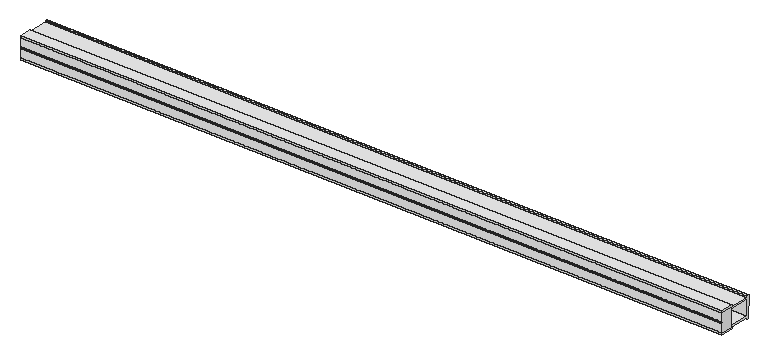
Revit family "4070764+4070746 Feilo Sylvania Lighting Fixture CURSUS 1161MM 731LM WIDE LED 3K with CONTINUOUS WALL HOUSING", category Lighting Fixtures, host Face, Revit 2017
Family settings
  Host = Face
  Round Connector Dimension = Use Diameter
  Part Type = Normal
  OmniClass Number = 23.80.70.14
  OmniClass Title = Luminaries for External Lighting
  Cut with Voids When Loaded = Yes
  Light Source = Yes
  Shared = Yes
  Room Calculation Point = No
Parameters (values of type "4070764 CURSUS 1161MM 731LM WIDE LED 3K")
  Width_FEILO = 35 mm
  Weight = "2.2 kg"
  Wattage Comments = "n/a"
  Wattage = 18 W
  WarrantyStartDate [instance] = "n/a"
  WarrantyGuarantorParts = "n/a"
  WarrantyDurationUnit = "n/a"
  WarrantyDurationParts = "n/a"
  WarrantyDescription = "n/a"
  WallThickness_FEILO = 2.5 mm
  built-in parameter 1150110 = 1 (stored number, unit not read)
  Voltage = 230 V
  URL = "http://www.sylvania-lighting.com"
  TypeName = "CURSUS 1161MM 731LM WIDE LED 3K"
  Type Image = <None>
  Type Comments = "n/a"
  built-in parameter 1114217 = 1 (stored number, unit not read)
  Tilt Angle = -90.00°
  built-in parameter 1150109 = 1 (stored number, unit not read)
  built-in parameter 1150134 = (empty or 0)
  built-in parameter 1150113 = 1 (stored number, unit not read)
  SerialNumber [instance] = "n/a"
  ReflectorMaterial = none
  PowerFactor = 0
  PowerConsumption = "18 W"
  Photometric Web File = "4070764.ies"
  NominalLength = 1161 mm
  NominalHeight = 50 mm
  NominalDepth = 30 mm
  Name = "CURSUS 1161MM 731LM WIDE LED 3K"
  ModelReference = Name  # "CURSUS 1161MM 731LM WIDE LED 3K"
  ModelNumber = "4070764"
  Model = Name  # "CURSUS 1161MM 731LM WIDE LED 3K"
  Material = "natural anodised extruded aluminium structure housing"
  ManufacturerName = "Feilo Sylvania"
  Manufacturer = "Feilo Sylvania"
  LuminousEfficacy = "40.61 lm/W"
  built-in parameter 1150105 = 403.47 (stored number, unit not read)
  Lumens = 731 lm
  LuminaireType = ""
  built-in parameter 1150115 = 1 (stored number, unit not read)
  LightOutputRatio = "100"
  built-in parameter 1150137 = (empty or 0)
  built-in parameter 1150139 = (empty or 0)
  Length_FEILO = 1167 mm
  LampsType = Lamp  # "LED"
  LampNominalLuminous = "731 lm"
  LampMacAdamStep = "n/a"
  LampColourTemperature = "3000 K"
  LampColourRenderingIndex = "80"
  built-in parameter 1150112 = 1 (stored number, unit not read)
  built-in parameter 1150114 = 1 (stored number, unit not read)
  Lamp = "LED"
  Keynote = "16500"
  InstallationDate [instance] = "n/a"
  InputVoltage = "220-240V~"
  InputNominalFrequency = "n/a"
  built-in parameter 1150132 = (empty or 0)
  built-in parameter 1150102 = (empty or 0)
  built-in parameter 1150107 = 3000 (stored number, unit not read)
  built-in parameter 1150138 = (empty or 0)
  IngressProtection = "IP67"
  ImpactProtectionIndex = "IK07"
  built-in parameter 1150106 = 4.0347 (stored number, unit not read)
  IfcExportType = "IfcLightFixtureType"
  IfcExportAs = "IfcLightFixtureType"
  ExpectedLife = 50000
  EndCapRight [instance] = no
  EndCapLeft [instance] = no
  Emit from Rectangle Width = Width_FEILO - WallThickness_FEILO * 2  # 30 mm
  Emit from Rectangle Length = Length_FEILO - WallThickness_FEILO * 2  # 1162 mm
  Emit Shape Visible in Rendering = no
  ElectricShockClassification = "Class III"
  built-in parameter 1150104 = 3.7729 (stored number, unit not read)
  DurationUnit = "hours"
  DocumentationLiterature = "http://www.sylvania-lighting.com/product/en-int/products/4070764"
  DimmingControlOptions = "n/a"
  Dimming Lamp Color Temperature Shift = <None>
  DiffuserMaterial = Diffuser-Sylvania-Glow
  Description = "LED Exterior Lighting Recessed Surface Mounted Linear Fixture, Natural anodised extruded aluminium structure. Die-cast aluminium end caps. Installation kit with harmonic steel springs., 731 lm, 18W, 40lm/W, 3000K, CRI80+,non dimmable,IP67, IK07, (HxWxD) 1161x50x30mm, 3 step Mac Adam Ellipse, 2.2kg,, Classe III, 21-25V-DC, energy class : A++, A+, A"
  Default Elevation = 1219.2 mm
  CreatedOn = "1/8/2018"
  CreatedBy = ""
  Cost = 0
  Color Filter = 16777215
  built-in parameter 1114216 [instance] = (empty or 0)
  ClassificationValue = "EF_70_80"
  ClassificationName = "Uniclass2015"
  BodyMaterial = Body-Sylvania-Gray
  BarCode [instance] = "n/a"
  built-in parameter 1114218 = 1 (stored number, unit not read)
  built-in parameter 1150133 = 10 (stored number, unit not read)
  AssetType = "Fixed"
  AssetIdentifier [instance] = "n/a"
  Assembly Code = "D5020200"
  Apparent Load = 18 VA
  AccessoryMaterial = Diffuser-Sylvania-Glow
Reference planes
  plane 1 "Center (Front/Back)": y = 0
  plane 2: z = 0
  plane 3 "Center (Left/Right)": x = 0
  plane 4: x = 583.5
  plane 5: x = -583.5
  plane 6: x = -581
  plane 7: x = 581
  plane 8: z = 35
  plane 9: z = 17.5
  plane 10: z = 32.5
  plane 11: z = 2.5
  plane 12: z = 30
  plane 13: z = 5
  plane 14: y = -55
  plane 15: y = -53
  plane 16: y = -2.5
  plane 17: y = -37
  plane 18: y = -34.5
Forms (mm)
  Extrusion 1, solid, material "Body-Sylvania-Gray" <- "BodyMaterial"
    sketch origin (0, 0, 0) x (0, 1, 0) y (0, 0, 1)
      loop
        line (0, 35) -> (-2.5, 35) -> (-2.5, 32.5) -> (-34.5, 32.5) -> (-34.5, 35) -> (-55, 35) -> (-55, 32.5) -> (-37, 32.5) -> (-37, 30) -> (-2.5, 30) -> (-2.5, 5) -> (-37, 5) -> (-37, 2.5) -> (-55, 2.5) -> (-55, 0) -> (-34.5, 0) -> (-34.5, 2.5) -> (-2.5, 2.5) -> (-2.5, 0) -> (0, 0) -> (0, 35)
    from -581 to 581
  Extrusion 2, solid, material "Diffuser-Sylvania-Glow" <- "DiffuserMaterial"
    sketch origin (0, 0, 0) x (0, 1, 0) y (0, 0, 1)
      loop
        line (-37, 32.5) -> (-55, 32.5) -> (-55, 19.5) -> (-53, 17.5) -> (-55, 15.5) -> (-55, 2.5) -> (-37, 2.5) -> (-37, 32.5)
    from -581 to 581
  Extrusion 3, solid, material "Body-Sylvania-Gray" <- "BodyMaterial", visible <- "EndCapRight"
    sketch origin (581, 1524, 1219.2) x (0, 1, 0) y (0, 0, 1)
      loop
        line (-1579, -1184.2) -> (-1579, -1219.2) -> (-1524, -1219.2) -> (-1524, -1184.2) -> (-1579, -1184.2)
    from 0 to 2.5
  Extrusion 4, solid, material "Body-Sylvania-Gray" <- "BodyMaterial", visible <- "EndCapLeft"
    sketch origin (-581, 1524, 1219.2) x (0, 1, 0) y (0, 0, 1)
      loop
        line (-1579, -1184.2) -> (-1579, -1219.2) -> (-1524, -1219.2) -> (-1524, -1184.2) -> (-1579, -1184.2)
    from -2.5 to 0
Dimensions and locks
  equal spacing: plane 5, plane 3 "Center (Left/Right)", plane 4
  "Length_FEILO": plane 5 to plane 4
  equal spacing: plane 6, plane 3 "Center (Left/Right)", plane 7
  "WallThickness_FEILO": plane 5 to plane 6
  locked: plane 9 to plane 2 at 17.5
  locked: plane 8 to plane 2 at 35
  equal spacing: plane 11, plane 9, plane 10
  equal spacing: plane 13, plane 9, plane 12
  "WallThickness_FEILO": plane 12 to plane 10
  locked: plane 14 to plane 15 at 2
  locked: plane 14 to plane 17 at 18
  "WallThickness_FEILO": plane 17 to plane 18
  "WallThickness_FEILO": plane 16 to plane 1 "Center (Front/Back)"
  locked: plane 15 to Extrusion 2 sketch curve (angle 45.00°)
  locked: Extrusion 2 sketch curve to plane 15 (angle 45.00°)
  aligned and locked: plane 2 to host face
  aligned and locked: level to host face
  aligned and locked: plane 1 "Center (Front/Back)" to Extrusion 1 sketch curve
  aligned and locked: Extrusion 1 sketch curve to plane 8  (x2)
  aligned and locked: plane 16 to Extrusion 1 sketch curve
  aligned and locked: host face to Extrusion 1 sketch curve
  aligned and locked: Extrusion 1 sketch curve to plane 16  (x2)
  aligned and locked: Extrusion 1 sketch curve to plane 11
  aligned and locked: plane 18 to Extrusion 1 sketch curve
  aligned and locked: level to Extrusion 1 sketch curve
  aligned and locked: plane 11 to Extrusion 1 sketch curve
  aligned and locked: Extrusion 1 sketch curve to plane 17
  aligned and locked: plane 13 to Extrusion 1 sketch curve
  aligned and locked: Extrusion 1 sketch curve to plane 12
  aligned and locked: plane 10 to Extrusion 1 sketch curve  (x2)
  aligned and locked: plane 17 to Extrusion 1 sketch curve  (x2)
  aligned and locked: plane 12 to Extrusion 1 sketch curve
  aligned and locked: Extrusion 1 sketch curve to plane 10
  aligned and locked: Extrusion 1 sketch curve to plane 18
  aligned and locked: plane 7 to Extrusion 1
  aligned and locked: Extrusion 1 to plane 6
  aligned and locked: Extrusion 2 sketch curve to Extrusion 1  (x4)
  aligned and locked: Extrusion 1 to Extrusion 2 sketch curve
  aligned and locked: plane 9 to Extrusion 2 sketch curve
  aligned and locked: plane 7 to Extrusion 2
  aligned and locked: Extrusion 2 to plane 6
  aligned and locked: Extrusion 3 sketch curve to Extrusion 1  (x4)
  aligned and locked: plane 4 to Extrusion 3
  aligned and locked: Extrusion 3 to plane 7
  aligned and locked: Extrusion 4 sketch curve to Extrusion 3  (x3)
  aligned and locked: Extrusion 4 sketch curve to Extrusion 1
  aligned and locked: Extrusion 4 to plane 5
  aligned and locked: plane 6 to Extrusion 4
  aligned and locked: plane 14 to imposter light
  aligned and locked: imposter light to plane 9
  aligned and locked: plane 3 "Center (Left/Right)" to imposter light
Automatic sketch dimensions
  host sketch curve to host sketch curve = 2438.4 mm  (x2)
  Extrusion 1 sketch curve to plane 14 = 0 mm  (x2)
  Extrusion 2 sketch curve to plane 15 = 0 mm
Connectors
  electrical at (0, 0, 0), driven by "Apparent Load", driven by "PowerFactor", driven by "Voltage"
    settings: index 1, voltage 230 V, apparent load 18 VA, apparent load phase1 0 VA, apparent load phase2 0 VA, apparent load phase3 0 VA, power factor 0, load classification "Lighting", number of poles 1, system type 30, power factor state 1, is connector primary yes, connector utility no, sub classification motor no, connector description ""
